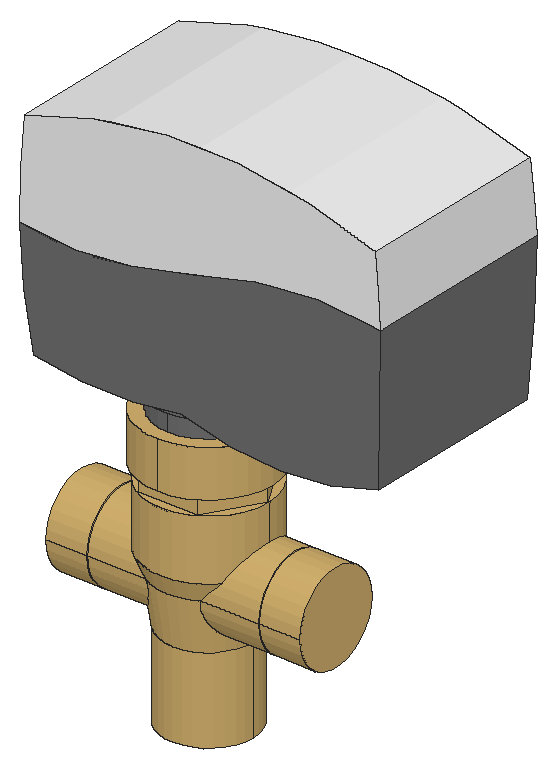
Revit family "VZL3_DN15-20_AMV(E) 130_140 (X)_RFA_1", category Pipe Accessories, Revit 2019
Family settings
  Round Connector Dimension = Use Diameter
  Part Type = Valve - Breaks Into
  OmniClass Number = 23.65.55.14.17
  OmniClass Title = Adjusting/Controlling Valves for Liquid Services
  Work Plane-Based = No
  Always vertical = Yes
  Cut with Voids When Loaded = No
  Shared = No
Parameters (values of type "VZL3_DN15_Kvs0.25_Flat End_065Z2080")
  Weight = 0.28 kg
  W = 49.9 mm  # constant formula
  Voltage = if(or(Actuator Type = [082H0050], Actuator Type = [082H8037], Actuator Type = [082H8039]), 230 V, 24 V)  # 24 V
  Valve Body Material = Danfoss Brass
  URL = "https://store.danfoss.com/en/Climate-Solutions-for-heating/Motorised-Control-Valves-/Globe-Valves/Valves-for-Terminal-%26-Zone/c/4107?q=%3Arelevance%3Adanfoss_producttypehierarchydesc%3A7b396e37333992abdbe97f3c10957b28d75a5b6a&page=0&pageSize=10"
  Stroke = "2.8 mm"  # constant formula
  R3_1 = 13.5 mm
  R3 = 15.5 mm
  R2 = 11.5 mm
  R1 = 11.5 mm
  Pressure Drop [instance] = 0.0 bar
  Power = if(or(Actuator Type = [082H8044], Actuator Type = [082H8045]), 1.3 VA, if(or(Actuator Type = [082H8065]), 1.5 VA, if(or(Actuator Type = [082H0050], Actuator Type = [082H8037], Actuator Type = [082H8039]), 8 VA, 1 VA)))  # 1.3 VA
  Nominal Pressure = "PN 16"  # constant formula
  Model Type = "VZL3_DN15_Kvs0.25_Flat End"
  Model = "065Z2080"
  Min Medium Temperature = "2°C"  # constant formula
  Max Operating Pressure = "16 bar"  # constant formula
  Max Medium Temperature = "120°C"  # constant formula
  Max Differential Pressure = "2.5 bar"
  Manufacturer = "Danfoss"  # constant formula
  LOD 350 = not(LOD 200)  # yes
  LOD 200 = no
  L1 = 10.5 mm
  L = 65 mm
  Kvs (B-AB) = 0.25 m³/h
  Kvs (A-AB) = 0.25 m³/h
  IfcExportType = "VZL3"  # constant formula
  IfcExportAs = "IfcValveType"  # constant formula
  Ha [instance] = 113.2 mm
  H3 = 35 mm
  H1 = 13 mm
  H2 = 20.5 mm
  H [instance] = 148.2 mm
  Flow [instance] = 0.0 m³/h
  E1 = 5 mm
  Description = "Motorized Control Valve"  # constant formula
  D1 = R2 * 2  # 23 mm
  D = 15 mm
  Connection = "External Thread"  # constant formula
  Actuator Type = AMV(E) 130_140 (X)_RFA : AME 130_24V_1.5m_082H8044
  082H8065 = AMV(E) 130_140 (X)_RFA : AME 140 X_24V_1.5m_082H8065
  082H8045 = AMV(E) 130_140 (X)_RFA : AME 140_24V_1.5m_082H8045
  082H8044 = AMV(E) 130_140 (X)_RFA : AME 130_24V_1.5m_082H8044
  082H8039 = AMV(E) 130_140 (X)_RFA : AMV 140_230V_1.5m_082H8039
  082H8037 = AMV(E) 130_140 (X)_RFA : AMV 130_230V_1.5m_082H8037
  082H0050 = AMV(E) 130_140 (X)_RFA : AMV 130_230V_0.5m_IP_082H0050
Types (8, lengths in mm): name | Weight | R3_1 | R3 | R2 | R1 | Model Type | Model | Max Differential Pressure | L1 | L | Kvs (B-AB) | Kvs (A-AB) | H2 | D1 | D
  (no name) | 0.28 kg | 13.5 | 15.5 | 11.5 | 11.5 | "VZL3_DN15_Kvs0.25_Flat End" | "065Z2080" | "2.5 bar" | 10.5 | 65 | 0.25 m³/h | 0.25 m³/h | 20.5 | 23 | 15
  VZL3_DN15_Kvs0.25_Flat End_065Z2080 | 0.28 kg | 13.5 | 15.5 | 11.5 | 11.5 | "VZL3_DN15_Kvs0.25_Flat End" | "065Z2080" | "2.5 bar" | 10.5 | 65 | 0.25 m³/h | 0.25 m³/h | 20.5 | 23 | 15
  VZL3_DN20_Kvs2.5_Flat End_065Z2085 | 0.40 kg | 15.5 | 18.5 | 15.5 | 14.3 | "VZL3_DN20_Kvs2.5_Flat End" | "065Z2085" | "1.0 bar" | 11.5 | 77 | 1.6 m³/h | 2.5 m³/h | 26.9 | 31 | 20
  VZL3_DN15_Kvs0.4_Flat End_065Z2081 | 0.28 kg | 13.5 | 15.5 | 11.5 | 11.5 | "VZL3_DN15_Kvs0.4_Flat End" | "065Z2081" | "2.5 bar" | 10.5 | 65 | 0.25 m³/h | 0.4 m³/h | 20.5 | 23 | 15
  VZL3_DN15_Kvs0.63_Flat End_065Z2082 | 0.28 kg | 13.5 | 15.5 | 11.5 | 11.5 | "VZL3_DN15_Kvs0.63_Flat End" | "065Z2082" | "2.5 bar" | 10.5 | 65 | 0.4 m³/h | 0.63 m³/h | 20.5 | 23 | 15
  VZL3_DN15_Kvs1.0_Flat End_065Z2083 | 0.28 kg | 13.5 | 15.5 | 11.5 | 11.5 | "VZL3_DN15_Kvs1.0_Flat End" | "065Z2083" | "2.0 bar" | 10.5 | 65 | 0.63 m³/h | 1.0 m³/h | 20.5 | 23 | 15
  VZL3_DN15_Kvs1.6_Flat End_065Z2084 | 0.28 kg | 13.5 | 15.5 | 11.5 | 11.5 | "VZL3_DN15_Kvs1.6_Flat End" | "065Z2084" | "2.0 bar" | 10.5 | 65 | 1.0 m³/h | 1.6 m³/h | 20.5 | 23 | 15
  VZL3_DN20_Kvs3.5_Flat End_065Z2086 | 0.40 kg | 15.5 | 18.5 | 15.5 | 14.3 | "VZL3_DN20_Kvs3.5_Flat End" | "065Z2086" | "1.0 bar" | 11.5 | 77 | 2.5 m³/h | 3.5 m³/h | 26.9 | 31 | 20
Reference planes
  plane 1 "Center (Front/Back)": y = 0
  plane 2: z = 0
  plane 3 "Center (Left/Right)": x = 0
  plane 4: z = -35
  plane 5: x = -32.5
  plane 6: x = 32.5
  plane 7: x = -22
  plane 8: x = 22
  plane 9: z = 20.5
  plane 10: z = 30.4
  plane 11: z = -13
  plane 12: y = -24.95
  plane 13: y = 24.95
Forms (mm)
  Extrusion 1, solid, material "Danfoss Brass" <- "Valve Body Material", visible <- "LOD 350", detail levels fine
    sketch origin (0, 0, 0) x (0, 1, 0) y (0, 0, 1)
      loop
        circle (0, 0) r 11.5
    from 22 to 32.5
  Extrusion 2, solid, material "Danfoss Brass" <- "Valve Body Material", visible <- "LOD 350", detail levels fine
    sketch origin (0, 0, 0) x (0, 1, 0) y (0, 0, 1)
      loop
        circle (0, 0) r 11.5
    from -32.5 to -22
  Extrusion 3, solid, material "Danfoss Brass" <- "Valve Body Material", visible <- "LOD 350", detail levels fine
    sketch origin (0, 0, 0) x (0, 1, 0) y (0, 0, 1)
      loop
        circle (0, 0) r 11.5
    from -22 to 22
  Extrusion 4, solid, material "Danfoss Brass" <- "Valve Body Material", visible <- "LOD 350", detail levels fine
    sketch origin (0, 0, 0) x (1, 0, 0) y (0, 1, 0)
      loop
        circle (0, 0) r 11.5
    from -35 to -13
  Extrusion 5, solid, material "Danfoss Brass" <- "Valve Body Material", visible <- "LOD 350", detail levels fine
    sketch origin (0, 0, 0) x (1, 0, 0) y (0, 1, 0)
      loop
        circle (0, 0) r 15.5
    from 5 <- "E1" to 20.5
  Extrusion 6, solid, material "Danfoss Brass" <- "Valve Body Material", visible <- "LOD 350", detail levels fine
    sketch origin (0, 0, 0) x (1, 0, 0) y (0, 1, 0)
      loop
        line (-7.506, 13) -> (-15.011, 0) -> (-7.506, -13) -> (7.506, -13) -> (15.011, 0) -> (7.506, 13) -> (-7.506, 13)
    from 20.5 to 30.4
  Extrusion 7, solid, material "Danfoss Brass" <- "Valve Body Material", visible <- "LOD 200", detail levels fine
    sketch origin (0, 0, 0) x (0, 1, 0) y (0, 0, 1)
      loop
        circle (0, 0) r 11.5
    from -32.5 to 32.5
  Extrusion 8, solid, material "Danfoss Brass" <- "Valve Body Material", visible <- "LOD 200", detail levels fine
    sketch origin (0, 0, 0) x (1, 0, 0) y (0, 1, 0)
      loop
        circle (0, 0) r 15.5
    from -35 to 30.4
  Blend 9, solid, material "Danfoss Brass" <- "Valve Body Material", visible <- "LOD 350", detail levels fine
    base sketch origin (0, 0, 0) x (1, 0, 0) y (0, 1, 0)
      loop
        circle (0, 0) r 13.5
    top sketch origin (0, 0, 0) x (1, 0, 0) y (0, 1, 0)
      loop
        circle (0, 0) r 15.5
    from 0 to 5 <- "E1"
  Blend 10, solid, material "Danfoss Brass" <- "Valve Body Material", visible <- "LOD 350", detail levels fine
    base sketch origin (0, 0, 0) x (1, 0, 0) y (0, 1, 0)
      loop
        circle (0, 0) r 13.5
    top sketch origin (0, 0, 0) x (1, 0, 0) y (0, 1, 0)
      loop
        circle (0, 0) r 11.5
    from 0 to -13
Dimensions and locks
  "H3": level to plane 4
  "H2": plane 9 to level
  "L": plane 6 to plane 5
  "L1": plane 7 to plane 5
  "L1": plane 6 to plane 8
  equal spacing: plane 6, plane 3 "Center (Left/Right)", plane 5
  locked: plane 10 to plane 9 at 9.9
  "H1": level to plane 11
  equal spacing: plane 12, plane 1 "Center (Front/Back)", plane 13
  "W": plane 12 to plane 13
  locked: plane 10 to nested 2 at 5.6
  "Ha": nested 2 to plane 2
  "H": nested 2 to plane 4
  "R1": radius of Extrusion 1 sketch curve
  "R1": radius of Extrusion 2 sketch curve
  "R2": radius of Extrusion 3 sketch curve
  "R2": radius of Extrusion 4 sketch curve
  "R3": radius of Extrusion 5 sketch curve
  "R2": radius of Extrusion 7 sketch curve
  "R3": radius of Extrusion 8 sketch curve
  "R3_1": radius of Blend 9 sketch curve
  "R3": radius of Blend 9 sketch curve
  "R3_1": radius of Blend 10 sketch curve
  "R2": radius of Blend 10 sketch curve
  aligned and locked: level to plane 2
  aligned and locked: plane 1 "Center (Front/Back)" to Extrusion 1 sketch curve
  aligned and locked: level to Extrusion 1 sketch curve
  aligned and locked: plane 6 to Extrusion 1
  aligned and locked: Extrusion 1 to plane 8
  aligned and locked: plane 1 "Center (Front/Back)" to Extrusion 2 sketch curve
  aligned and locked: level to Extrusion 2 sketch curve
  aligned and locked: Extrusion 2 to plane 5
  aligned and locked: plane 7 to Extrusion 2
  aligned and locked: plane 1 "Center (Front/Back)" to Extrusion 3 sketch curve
  aligned and locked: level to Extrusion 3 sketch curve
  aligned and locked: Extrusion 3 to plane 7
  aligned and locked: plane 8 to Extrusion 3
  aligned and locked: plane 3 "Center (Left/Right)" to Extrusion 4 sketch curve
  aligned and locked: plane 1 "Center (Front/Back)" to Extrusion 4 sketch curve
  aligned and locked: Extrusion 4 to plane 4
  aligned and locked: plane 3 "Center (Left/Right)" to Extrusion 5 sketch curve
  aligned and locked: plane 1 "Center (Front/Back)" to Extrusion 5 sketch curve
  aligned and locked: plane 9 to Extrusion 5
  aligned and locked: Extrusion 6 to plane 9
  aligned and locked: plane 10 to Extrusion 6
  aligned and locked: plane 1 "Center (Front/Back)" to Extrusion 7 sketch curve
  aligned and locked: level to Extrusion 7 sketch curve
  aligned and locked: Extrusion 7 to plane 5
  aligned and locked: plane 6 to Extrusion 7
  aligned and locked: plane 3 "Center (Left/Right)" to Extrusion 8 sketch curve
  aligned and locked: plane 1 "Center (Front/Back)" to Extrusion 8 sketch curve
  aligned and locked: Extrusion 8 to plane 4
  aligned and locked: plane 10 to Extrusion 8
  aligned and locked: plane 3 "Center (Left/Right)" to nested 1
  aligned and locked: plane 1 "Center (Front/Back)" to nested 1
  aligned and locked: plane 11 to Extrusion 4
  aligned and locked: Blend 10 to Extrusion 4
  aligned and locked: plane 3 "Center (Left/Right)" to nested 2
  aligned and locked: nested 2 to plane 1 "Center (Front/Back)"
Automatic sketch dimensions
  plane 1 "Center (Front/Back)" to Blend 9 sketch curve = 0 mm  (x2)
  Blend 9 sketch curve to plane 3 "Center (Left/Right)" = 0 mm  (x2)
  plane 1 "Center (Front/Back)" to Blend 10 sketch curve = 0 mm  (x2)
  Blend 10 sketch curve to plane 3 "Center (Left/Right)" = 0 mm  (x2)
Nested families
  nested 1: "Schematic_3-Way Valve" at (0, 0, 0), type "Schematic_3-Way Valve", detail levels coarse+medium
  nested 2: "AMV(E) 130_140 (X)_RFA" at (0, 0, 24.8) x (0, 1, 0) z (0, 0, 1), LOD 200 <- "LOD 200", Voltage <- "Voltage", Power <- "Power", type <- "Actuator Type", type "AME 130_24V_1.5m_082H8044", detail levels fine
    with Voltage 24 V, Power 1.3 VA, LOD 350 yes, LOD 200 no
Connectors
  piping at (32.5, 0, 0), diameter 15, driven by "D", driven by "Flow"
    settings: on Extrusion 1, index 1, connector inside diameter 609.6 mm, connector length 0 mm, flow factor 0, pipe flow 0.0 m³/h, pressure drop 0.0 bar, fitting loss kfactor 0, connector angle 0.00°, fixture units 0, engagement length 0 mm, angle of deflection 0.00°, flow configuration 0, flow direction 2, fitting loss method 0, system type 29, joint type 0, gender type 0, connector reference index 2, connector utility 0, adjustable connector no, is connector primary no, connector description "AB"
  piping at (-32.5, 0, 0), diameter 15, driven by "D", driven by "Flow"
    settings: on Extrusion 2, index 2, connector inside diameter 609.6 mm, connector length 0 mm, flow factor 0, pipe flow 0.0 m³/h, pressure drop 0.0 bar, fitting loss kfactor 0, connector angle 0.00°, fixture units 0, engagement length 0 mm, angle of deflection 0.00°, flow configuration 0, flow direction 1, fitting loss method 0, system type 29, joint type 0, gender type 0, connector reference index 1, connector utility 0, adjustable connector no, is connector primary yes, connector description "A"
  piping at (0, 0, -35), diameter 15, driven by "D", driven by "Flow"
    settings: on Extrusion 4, index 3, connector inside diameter 609.6 mm, connector length 0 mm, flow factor 0, pipe flow 0.0 m³/h, pressure drop 0.0 bar, fitting loss kfactor 0, connector angle 0.00°, fixture units 0, engagement length 0 mm, angle of deflection 0.00°, flow configuration 0, flow direction 1, fitting loss method 0, system type 29, joint type 0, gender type 0, connector reference index -1, connector utility 0, adjustable connector no, is connector primary no, connector description "B"
  electrical at (0, 0, 0), driven by "Voltage", driven by "Power"
    settings: index 7, voltage 24 V, apparent load 0 VA, apparent load phase1 1.3 VA, apparent load phase2 0 VA, apparent load phase3 0 VA, power factor 0.95, load classification "HVAC", number of poles 1, system type 31, power factor state 1, is connector primary yes, connector utility no, sub classification motor no, connector description ""
Definition of nested family "AMV(E) 130_140 (X)_RFA"
  Parameters (values of type "AME 130_24V_1.5m_082H8044")
    Weight = 0.30 kg  # constant formula
    W3 = 28.8 mm
    W2 = 26 mm
    W1 = 33 mm
    W [instance] = 50 mm
    Voltage [instance] = 24 V
    URL = "https://store.danfoss.com/en/Climate-Solutions-for-heating/Motorised-Control-Valves/Actuators-for-Globe-Valves/Actuators-Without-Safety-Function/c/4109?q=%3Arelevance%3Adanfoss_producttypehierarchydesc%3AAME+130%3Adanfoss_producttypehierarchydesc%3AAME+140%3Adanfoss_producttypehierarchydesc%3AAMV+130%3Adanfoss_producttypehierarchydesc%3AAMV+140%3Adanfoss_producttypehierarchydesc%3AAME+140+X&text="
    Type Comments = ""
    Speed = "24 s/mm"
    Safety Function = "No"  # constant formula
    Power Supply = "24 V"
    Power Consumption = "1.3 W"
    Power [instance] = 1.3 VA
    Output Signal = "NA"
    Model Type = "AME 130_24V_1.5m"
    Model = "082H8044"
    Min Ambient Temperature = "0 °C"  # constant formula
    Max Stroke = 5.5 mm  # constant formula
    Max Medium Temperature = "130 °C"  # constant formula
    Max Ambient Temperature = "55 °C"  # constant formula
    Manufacturer = "Danfoss"  # constant formula
    LOD 350 [instance] = not(LOD 200)  # yes
    LOD 200 [instance] = no
    L1 = 28.4 mm
    L [instance] = 92.4 mm
    IfcExportType = "AME 130"
    IfcExportAs = "IfcActuatorType"  # constant formula
    H1 = 12 mm
    H [instance] = 88.4 mm
    Description = "Gear Actuator"  # constant formula
    Control Input Signal = "0-10 V / 0-20 mA"
    Closing Force = "200 N"  # constant formula
    Cable Length = 1500 mm
    Body Material = none
  Types (12, lengths in mm): name | Voltage | Speed | Power Supply | Power Consumption | Power | Output Signal | Model Type | Model | IfcExportType | Control Input Signal | Cable Length
    AME 130_24V_1.5m_082H8044 | 24 V | "24 s/mm" | "24 V" | "1.3 W" | 1.3 VA | "NA" | "AME 130_24V_1.5m" | "082H8044" | "AME 130" | "0-10 V / 0-20 mA" | 1500
    AME 140_24V_1.5m_082H8045 | 24 V | "12 s/mm" | "24 V" | "1.3 W" | 1.3 VA | "NA" | "AME 140_24V_1.5m" | "082H8045" | "AME 140" | "0-10 V / 0-20 mA" | 1500
    AMV 130_230V_0.5m_IP_082H0050 | 230 V | "24 s/mm" | "230 V" | "8 W" | 8 VA | "NA" | "AMV 130_230V_0.5m_IP" | "082H0050" | "AMV 130" | "3-point" | 500
    AMV 130_24V_1.5m_082H8036 | 24 V | "24 s/mm" | "24 V" | "1 W" | 1 VA | "NA" | "AMV 130_24V_1.5m" | "082H8036" | "AMV 130" | "3-point" | 1500
    AMV 130_230V_1.5m_082H8037 | 230 V | "24 s/mm" | "230 V" | "8 W" | 8 VA | "NA" | "AMV 130_230V_1.5m" | "082H8037" | "AMV 130" | "3-point" | 1500
    AMV 130_24V_5m_082H8068 | 24 V | "24 s/mm" | "24 V" | "1 W" | 1 VA | "NA" | "AMV 130_24V_5m" | "082H8068" | "AMV 130" | "3-point" | 5000
    AMV 130_24V_10m_082H8070 | 24 V | "24 s/mm" | "24 V" | "1 W" | 1 VA | "NA" | "AMV 130_24V_10m" | "082H8070" | "AMV 130" | "3-point" | 10000
    AMV 140_24V_1.5m_082H8038 | 24 V | "12 s/mm" | "24 V" | "1 W" | 1 VA | "NA" | "AMV 140_24V_1.5m" | "082H8038" | "AMV 140" | "3-point" | 1500
    AMV 140_230V_1.5m_082H8039 | 230 V | "12 s/mm" | "230 V" | "8 W" | 8 VA | "NA" | "AMV 140_230V_1.5m" | "082H8039" | "AMV 140" | "3-point" | 1500
    AMV 140_24V_5m_082H8069 | 24 V | "12 s/mm" | "24 V" | "1 W" | 1 VA | "NA" | "AMV 140_24V_5m" | "082H8069" | "AMV 140" | "3-point" | 5000
    AMV 140_24V_10m_082H8071 | 24 V | "12 s/mm" | "24 V" | "1 W" | 1 VA | "NA" | "AMV 140_24V_10m" | "082H8071" | "AMV 140" | "3-point" | 10000
    AME 140 X_24V_1.5m_082H8065 | 24 V | "12 s/mm" | "24 V" | "1.5 W" | 1.5 VA | "0-10 V" | "AME 140 X_24V_1.5m" | "082H8065" | "AME 140 X" | "0-10 V / 0-20 mA" | 1500
  Reference planes
    plane 1 "Center (Front/Back)": y = 0
    plane 2: z = 0
    plane 3 "Center (Left/Right)": x = 0
    plane 4: z = 12
    plane 5: y = -64
    plane 6: y = 28.4
    plane 7: z = 88.4
    plane 8: x = 25
    plane 9: x = -25
    plane 10: x = -16.5
    plane 11: x = 16.5
    plane 12: z = 32
    plane 13: x = -13
    plane 14: x = 13
    plane 15: x = -14.4
    plane 16: x = 14.4
    plane 17 "Plane Bottom": z = 17.2
    plane 18: y = 25.9
    plane 19: y = 27.4
    plane 20: z = 80.4
    plane 21: y = -62.5
    plane 22: z = 23.2
    plane 23: z = 25.4
    plane 24: z = 55.5
    plane 25: z = 63
    plane 26: z = 64.5
    plane 27: z = 54
    plane 28: z = 20.7
    plane 29: y = -26
    plane 30: y = -38.5
    plane 31: z = 86.9
    plane 32: x = -24.5
    plane 33: x = 24.5
    plane 34: x = -23.5
    plane 35: x = 23.5
    plane 36: x = -27
    plane 37: x = 27
    plane 38: y = 27.9
    plane 39: x = -22.5
    plane 40: y = -63.5
    plane 41: x = 22.5
  Forms (mm)
    Extrusion 1, solid, detail levels fine
      sketch origin (0, 0, 0) x (1, 0, 0) y (0, 1, 0)
        loop
          circle (0, 0) r 16.5
      from 0 to 12
    Revolve 2, solid, visible <- "LOD 350", detail levels fine
      sketch origin (0, 0, 0) x (1, 0, 0) y (0, 0, 1)
        loop
          line (-14.4, 17.2) -> (-13, 17.2) -> (-13, 12) -> (0, 12) -> (0, 32) -> (-14.4, 32) -> (-14.4, 17.2)
        axis (0, 32) -> (0, 12)
      angle from 0 to 360
    Extrusion 3, solid, visible <- "LOD 350", detail levels fine
      sketch origin (0, 0, 0) x (0, 1, 0) y (0, 0, 1)
        loop
          arc (-64, 63) -> (-63.628, 44.185) -> (-62.5, 25.4) r 467.805
          arc (-62.5, 25.4) -> (-37.155, 20.685) -> (-11.757, 25.101) r 72.777
          arc (-11.757, 25.101) -> (7.088, 23.201) -> (25.9, 25.4) r 87.494
          arc (25.9, 25.4) -> (27.789, 40.397) -> (28.4, 55.5) r 178.069
          arc (28.4, 55.5) -> (14.2, 54) -> (0, 55.5) r 67.953
          arc (0, 55.5) -> (-16.037, 59.092) -> (-31.999, 63) r 834.074
          arc (-31.999, 63) -> (-48, 64.5) -> (-64, 63) r 86.072
      from -27 to 27
    Extrusion 4, solid, material <- "Body Material", visible <- "LOD 350", detail levels fine
      sketch origin (0, 0, 0) x (0, 1, 0) y (0, 0, 1)
        loop
          arc (-62.5, 80.4) -> (-63.467, 71.719) -> (-64, 63) r 175.37
          arc (-64, 63) -> (-48, 64.5) -> (-31.999, 63) r 86.072
          arc (-31.999, 63) -> (-16.037, 59.092) -> (0, 55.5) r 834.074
          arc (0, 55.5) -> (14.2, 54) -> (28.4, 55.5) r 67.953
          arc (28.4, 55.5) -> (28.204, 67.962) -> (27.4, 80.4) r 255.314
          arc (27.4, 80.4) -> (-17.55, 88.505) -> (-62.5, 80.4) r 128.693
      from -27 to 27
    Extrusion 5, solid, visible <- "LOD 350", detail levels fine
      sketch origin (0, 0, 17.2) x (-1, 0, 0) y (0, -1, 0)
        loop
          line (-2.173, 26) -> (-2.173, 38.5) -> (-9.373, 38.5) -> (-9.373, 26) -> (-2.173, 26)
      from 0 to 8.2
    Extrusion 6, void
      sketch origin (0, 0, 0) x (1, 0, 0) y (0, 0, 1)
        loop
          line (-24.358, 89.4) -> (24.197, 89.4)
          arc (24.197, 89.4) -> (24.826, 53.28) -> (23.013, 17.2) r 534.228
          line (23.013, 17.2) -> (29.5, 17.2) -> (29.5, 93.4) -> (-30, 93.4) -> (-30, 17.2) -> (-23.022, 17.2)
          arc (-23.022, 17.2) -> (-24.911, 53.277) -> (-24.358, 89.4) r 534.166
      from -39.301 to 75.38
    Revolve 7, solid, visible <- "LOD 200", detail levels fine
      sketch origin (0, 0, 0) x (1, 0, 0) y (0, 0, 1)
        loop
          line (-13, 12) -> (0, 12) -> (0, 32) -> (-13, 32) -> (-13, 12)
        axis (0, 12) -> (0, 32)
      angle from 0 to 360
    Blend 8, solid, visible <- "LOD 200", detail levels fine
      base sketch origin (0, 0, 0) x (1, 0, 0) y (0, 1, 0)
        loop
          line (-23.667, -62.5) -> (23.5, -62.5) -> (23.5, 25.9) -> (-23.667, 25.9) -> (-23.667, -62.5)
      top sketch origin (0, 0, 0) x (1, 0, 0) y (0, 1, 0)
        loop
          line (-24.948, 28.4) -> (-24.948, -64) -> (24.898, -64) -> (24.898, 28.4) -> (-24.948, 28.4)
      from 25.4 to 63
    Blend 9, solid, material <- "Body Material", visible <- "LOD 200", detail levels fine
      base sketch origin (0, 0, 0) x (1, 0, 0) y (0, 1, 0)
        loop
          line (-24.948, 28.4) -> (-24.948, -64) -> (24.898, -64) -> (24.898, 28.4) -> (-24.948, 28.4)
      top sketch origin (0, 0, 0) x (1, 0, 0) y (0, 1, 0)
        loop
          line (-24.724, 27.4) -> (-24.724, -62.5) -> (24.582, -62.5) -> (24.582, 27.4) -> (-24.724, 27.4)
      from 63 to 88.4
  Cuts and joins
    Extrusion 6 cuts Extrusion 3
    Extrusion 6 cuts Extrusion 4
  Dimensions and locks
    plane 5 to plane 6 = 92.4 mm
    equal spacing: plane 8, plane 3 "Center (Left/Right)", plane 9
    "W": plane 8 to plane 9
    plane 7 to level = 88.4 mm
    "H1": plane 4 to level
    equal spacing: plane 11, plane 3 "Center (Left/Right)", plane 10
    "W1": plane 11 to plane 10
    equal spacing: plane 14, plane 3 "Center (Left/Right)", plane 13
    "W2": plane 14 to plane 13
    equal spacing: plane 16, plane 3 "Center (Left/Right)", plane 15
    "W3": plane 16 to plane 15
    "L1": plane 1 "Center (Front/Back)" to plane 6
    plane 12 to level = 32 mm
    plane 17 "Plane Bottom" to plane 4 = 5.2 mm
    plane 17 "Plane Bottom" to level = 17.2 mm
    Extrusion 5 sketch curve to Extrusion 5 sketch curve = 7.2 mm
    plane 37 to plane 3 "Center (Left/Right)" to plane 36 = 27 mm, 27 mm
    "L": plane 6 to plane 5
    "H": plane 7 to level
    diameter of Extrusion 1 sketch curve = 33 mm
    aligned and locked: level to plane 2
    aligned and locked: plane 4 to Extrusion 1
    aligned and locked: plane 15 to Revolve 2 sketch curve
    aligned and locked: Revolve 2 sketch curve to plane 12
    aligned and locked: Revolve 2 sketch curve to plane 17 "Plane Bottom"
    aligned and locked: Revolve 2 sketch curve to plane 13
    aligned and locked: Revolve 2 sketch curve to plane 4
    aligned and locked: plane 3 "Center (Left/Right)" to Revolve 2 sketch curve
    aligned and locked: Revolve 2 sketch curve to Revolve 2 sketch curve
    aligned and locked: Extrusion 5 sketch curve to plane 30
    aligned and locked: plane 29 to Extrusion 5 sketch curve
    aligned and locked: plane 23 to Extrusion 5
    aligned and locked: Extrusion 4 to plane 36
    aligned and locked: plane 37 to Extrusion 4
    aligned and locked: Extrusion 6 sketch curve to plane 17 "Plane Bottom"
    aligned and locked: Revolve 7 sketch curve to plane 4
    aligned and locked: Revolve 7 sketch curve to plane 13
    aligned and locked: Revolve 7 sketch curve to plane 3 "Center (Left/Right)"
    aligned and locked: Revolve 7 sketch curve to plane 12
    aligned and locked: Revolve 7 sketch curve to Revolve 7 sketch curve  (x2)
    aligned and locked: Blend 8 sketch curve to cut or joined group of Extrusion 3, Extrusion 6  (x4)
    aligned and locked: Blend 8 sketch curve to plane 18
    aligned and locked: Blend 8 sketch curve to plane 35
    aligned and locked: Blend 8 to plane 23
    aligned and locked: plane 25 to Blend 8
    aligned and locked: Blend 9 sketch curve to Blend 8  (x4)
    aligned and locked: Blend 9 sketch curve to cut or joined group of Extrusion 4, Extrusion 6  (x4)
    aligned and locked: Blend 9 to plane 25
    aligned and locked: plane 7 to Blend 9
  Automatic sketch dimensions
    plane 1 "Center (Front/Back)" to Extrusion 1 sketch curve = 0 mm
    Extrusion 1 sketch curve to plane 3 "Center (Left/Right)" = 0 mm
    Revolve 2 sketch curve to plane 4 = 0 mm
    Revolve 2 sketch curve to plane 12 = 0 mm
    Extrusion 3 sketch curve to plane 5 = 0 mm
    Extrusion 3 sketch curve to plane 21 = 0 mm
    Extrusion 3 sketch curve to plane 25 = 0 mm  (x2)
    Extrusion 3 sketch curve to plane 1 "Center (Front/Back)" = 0 mm  (x2)
    Extrusion 3 sketch curve to plane 18 = 0 mm
    Extrusion 3 sketch curve to plane 6 = 0 mm
    Extrusion 3 sketch curve to plane 23 = 0 mm  (x2)
    Extrusion 3 sketch curve to plane 24 = 0 mm  (x2)
    Extrusion 3 sketch curve to plane 24 = 0.364 mm
    Extrusion 3 sketch curve to plane 21 = 14.5 mm
    plane 7 to Extrusion 3 sketch curve = 5.06 mm
    Extrusion 3 sketch curve to plane 21 = 25.773 mm
    Extrusion 3 sketch curve to plane 1 "Center (Front/Back)" = 6.393 mm
    Extrusion 3 sketch curve to plane 6 = 145.895 mm
    Extrusion 3 sketch curve to plane 25 = 0.167 mm
    Extrusion 3 sketch curve to level = 21.572 mm
    Extrusion 3 sketch curve to Extrusion 3 sketch curve = 11.261 mm
    Extrusion 4 sketch curve to plane 5 = 0 mm
    Extrusion 4 sketch curve to plane 20 = 0 mm  (x2)
    Extrusion 4 sketch curve to plane 21 = 0 mm
    Extrusion 4 sketch curve to plane 19 = 0 mm
    Extrusion 4 sketch curve to plane 6 = 0 mm
    Extrusion 4 sketch curve to plane 24 = 0 mm  (x2)
    Extrusion 4 sketch curve to plane 25 = 0 mm  (x2)
    plane 24 to Extrusion 4 sketch curve = 2.217 mm
    plane 24 to Extrusion 4 sketch curve = 1.156 mm
    Extrusion 4 sketch curve to level = 40.188 mm
    Extrusion 4 sketch curve to plane 21 = 14.5 mm
    Extrusion 4 sketch curve to level = 21.572 mm
    Extrusion 4 sketch curve to plane 1 "Center (Front/Back)" = 0 mm  (x2)
    Extrusion 4 sketch curve to plane 6 = 145.895 mm
    plane 3 "Center (Left/Right)" to Extrusion 5 sketch curve = 2.173 mm
    plane 34 to Extrusion 6 sketch curve = 0.478 mm
    plane 35 to Extrusion 6 sketch curve = 0.487 mm
    Extrusion 6 sketch curve to plane 33 = 0.303 mm
    Extrusion 6 sketch curve to plane 25 = 0.963 mm
    plane 25 to Extrusion 6 sketch curve = 0.156 mm
    Extrusion 6 sketch curve to plane 28 = 3.5 mm
    plane 7 to Extrusion 6 sketch curve = 5 mm
    plane 8 to Extrusion 6 sketch curve = 4.5 mm
    Extrusion 6 sketch curve to plane 36 = 3 mm
    plane 32 to Extrusion 6 sketch curve = 0.142 mm
    plane 7 to Extrusion 6 sketch curve = 1 mm
    Revolve 7 sketch curve to plane 12 = 0 mm
    Blend 8 sketch curve to plane 5 = 0 mm
    Blend 8 sketch curve to plane 8 = 0.102 mm
Definition of nested family "Schematic_3-Way Valve"
  Parameters (values of type "Schematic_3-Way Valve")
    L_1 = L / 2  # 38.5 mm
    L = 77 mm
    H1 = 35 mm
    H = L  # 77 mm
    D1 = 31 mm
  Reference planes
    plane 1 "Center (Front/Back)": y = 0
    plane 2: z = 0
    plane 3 "Center (Left/Right)": x = 0
    plane 4: z = 15.5
    plane 5: z = -15.5
    plane 6: x = -38.5
    plane 7: x = 38.5
    plane 8: x = 15.5
    plane 9: x = -15.5
    plane 10: z = -35
    plane 11: y = -35
    plane 12: y = 15.5
    plane 13: y = -15.5
    plane 14: z = 77
    plane 15: z = 38.5
    plane 16: x = 19.25
    plane 17: x = -19.25
    plane 18: y = 77
    plane 19: y = 38.5
  Lines and regions (mm)
    model lines
      curve 1: line (0, 0, 0) -> (-15.5, 0, -35)
      curve 2: line (0, 0, 0) -> (15.5, 0, -35)
      curve 3: line (15.5, 0, -35) -> (-15.5, 0, -35)
      curve 4: line (0, 0, 0) -> (38.5, 0, 15.5)
      curve 5: line (38.5, 0, 15.5) -> (38.5, 0, -15.5)
      curve 6: line (38.5, 0, -15.5) -> (0, 0, 0)
      curve 7: line (0, 0, 0) -> (-38.5, 0, 15.5)
      curve 8: line (-38.5, 0, 15.5) -> (-38.5, 0, -15.5)
      curve 9: line (-38.5, 0, -15.5) -> (0, 0, 0)
      curve 19: line (0, 0, 38.5) -> (0, 0, 0)
      curve 20: line (-19.25, 0, 77) -> (19.25, 0, 77)
      curve 21: line (-19.25, 0, 38.5) -> (-19.25, 0, 77)
      curve 22: line (19.25, 0, 38.5) -> (-19.25, 0, 38.5)
      curve 23: line (19.25, 0, 77) -> (19.25, 0, 38.5)
    symbolic lines
      curve 10: line (0, 0, 0) -> (38.5, 15.5, 0)
      curve 11: line (38.5, 15.5, 0) -> (38.5, -15.5, 0)
      curve 12: line (38.5, -15.5, 0) -> (0, 0, 0)
      curve 13: line (0, 0, 0) -> (-38.5, 15.5, 0)
      curve 14: line (-38.5, 15.5, 0) -> (-38.5, -15.5, 0)
      curve 15: line (-38.5, -15.5, 0) -> (0, 0, 0)
      curve 16: line (0, 0, 0) -> (15.5, -35, 0)
      curve 17: line (15.5, -35, 0) -> (-15.5, -35, 0)
      curve 18: line (0, 0, 0) -> (-15.5, -35, 0)
      curve 24: line (-19.25, 77, 0) -> (19.25, 77, 0)
      curve 25: line (-19.25, 38.5, 0) -> (-19.25, 77, 0)
      curve 26: line (19.25, 38.5, 0) -> (-19.25, 38.5, 0)
      curve 27: line (19.25, 77, 0) -> (19.25, 38.5, 0)
      curve 28: line (0, 0, 0) -> (0, 38.5, 0)
  Dimensions and locks
    "D1": plane 4 to plane 5
    equal spacing: plane 4, level, plane 5
    "D1": plane 8 to plane 9
    equal spacing: plane 8, plane 3 "Center (Left/Right)", plane 9
    plane 9 to plane 8 = 31 mm
    equal spacing: plane 9, plane 3 "Center (Left/Right)", plane 8
    "D1": plane 13 to plane 12
    equal spacing: plane 13, plane 1 "Center (Front/Back)", plane 12
    "L_1": plane 14 to plane 15
    "H": plane 14 to level
    "L_1": plane 16 to plane 17
    equal spacing: plane 16, plane 3 "Center (Left/Right)", plane 17
    "H": plane 1 "Center (Front/Back)" to plane 18
    "L_1": plane 19 to plane 18
    equal spacing: plane 17, plane 3 "Center (Left/Right)", plane 16
    plane 17 to plane 16 = 38.5 mm
    equal spacing: plane 7, plane 3 "Center (Left/Right)", plane 6
    "L": plane 7 to plane 6
    "H1": plane 2 to plane 10
    "H1": plane 11 to plane 1 "Center (Front/Back)"
    aligned and locked: level to plane 2
    aligned and locked: plane 10 to curve 3
    aligned and locked: curve 5 to plane 7
    aligned and locked: curve 8 to plane 6
    aligned and locked: level to curve 19
    aligned and locked: curve 20 to plane 14
    aligned and locked: plane 17 to curve 21
    aligned and locked: curve 23 to plane 16
    aligned and locked: plane 19 to curve 28
    aligned and locked: plane 15 to curve 19
  Automatic sketch dimensions
    curve 13 to plane 6 = 0 mm
    curve 18 to plane 9 = 0 mm
    curve 26 to plane 17 = 0 mm
    plane 1 "Center (Front/Back)" to curve 15 = 0 mm
    curve 15 to plane 3 "Center (Left/Right)" = 0 mm
    curve 24 to plane 16 = 0 mm
    curve 16 to plane 8 = 0 mm
    curve 12 to plane 7 = 0 mm
    plane 11 to curve 17 = 0 mm
    plane 13 to curve 12 = 0 mm
    plane 13 to curve 15 = 0 mm
    plane 12 to curve 13 = 0 mm
    plane 12 to curve 11 = 0 mm
    plane 18 to curve 24 = 0 mm
    curve 3 to plane 9 = 0 mm
    curve 6 to plane 3 "Center (Left/Right)" = 0 mm
    curve 2 to plane 8 = 0 mm
    curve 6 to plane 5 = 0 mm
    curve 9 to plane 5 = 0 mm
    curve 5 to plane 4 = 0 mm
    curve 7 to plane 4 = 0 mm
